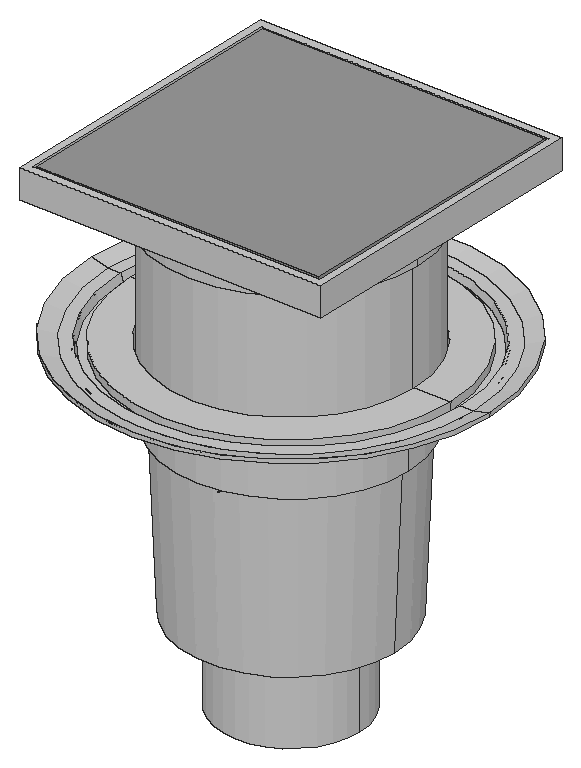
Revit family "HL_Дворовый трап серии Perfekt_HL616SW", category Instalační zařizovací předměty, Revit 2016
Family settings
  Typ součásti = Normální
  Kóta kulaté spojky = Použít průměr
  Číslo OmniClass = 23.70.50.21.24.14
  Nadpis OmniClass = Deck Waste Water Drains
  Založené na pracovní rovině = Ne
  Vždy vertikální = Ano
  Ořezat dutým tvarem při načtení = Ne
  Sdílené = Ne
  Bod výpočtu místnosti = Ano
Parameters (values of type "HL_Дворовый трап серии Perfekt_HL616SW_1")
  РЕШЁТКА = "Edelstahl 226 x 226 mm"
  РАЗМЕР = "DN110"
  ПРОПУСКНАЯ СПОСОБНОСТЬ [instance] = 0.0 L/s
  ПРОИЗВОДИТЕЛЬНОСТЬ = "2,1 l/s"
  ПРАВОВАЯ ИНФОРМАЦИЯ = "\"Авторские права(©), права на дизайн или какие либо другие права интелектуальной собственности являются исключительной собственностью компании HL Hutterer & Lechner. Изменению не подлежит. Файл семейства с данными о прозводителе изделия защищен паролем с водяным знаком.\""
  НОМИНАЛЬНЫЙ ДИАМЕТР = 110 mm
  НАСАДКА = "42-130 mm/240 x 240 mm"
  МАТЕРИАЛ = "PP"
  МАКСИМАЛЬНАЯ НАГРУЗКА КЛАССА = "L - 1,5 t"
  ВЫСОТА МОНТАЖА = "239 mm"
  ВЕС = "3,154 kg"
  Výrobce = "HL Hutterer & Lechner GmbH"
  URL = "http://www.hutterer-lechner.com/ru/products/catalog/roof-drains/HL616SW/1.aspx"
  Материал плитка [instance] = none
  Připojení ventilace = no
  Připojení odpadu = yes
  Připojení HW = no
  Připojení CW = no
  Popis = "Дворовый трап серии Perfekt DN110 вертикальный"
  Model = "HL616SW/1"
  Assembly Code = " "
  Komentáře k typům = "Дворовый трап серии Perfekt DN110 вертикальный с обжимным фланцем, 240х240мм ПП/226х226мм нержавеющая сталь с водяным затвором."
  Keynote = "HL616SW/1"
  IH [instance] = Высота монтажа 1 + Высота монтажа 2  # 130 mm
  Высота монтажа 2 [instance] = 0 mm
  Высота монтажа 1 [instance] = 130 mm
  G [instance] = 180.00°  # constant formula
  EAN = "9003076011407"
  D [instance] = IH + 165 mm  # 295 mm
  C [instance] = if(IH - 68 mm < 0 mm, 0 mm, IH - 68 mm)  # 62 mm
  B [instance] = 100 mm
  A [instance] = if(B - 100 mm > 15 mm, B - 100 mm, 15 mm)  # 15 mm
Types (3, lengths in mm): name | РАЗМЕР | НОМИНАЛЬНЫЙ ДИАМЕТР | ВЕС | URL | Popis | Model | Komentáře k typům | Keynote | EAN
  (no name) | "DN110" | 110 | "3,154 kg" | "http://www.hutterer-lechner.com/en/products/catalog/roof-drains/HL616SW/1.aspx" | 0 | "HL616SW/1" | "perfect-drain DN110 vertical with flange, 240x240mm plastic/226x226mm stainless steel with trap seal" | "HL616SW/1" | "9003076011407"
  HL_Дворовый трап серии Perfekt_HL616SW_1 | "DN110" | 110 | "3,154 kg" | "http://www.hutterer-lechner.com/ru/products/catalog/roof-drains/HL616SW/1.aspx" | "Дворовый трап серии Perfekt DN110 вертикальный" | "HL616SW/1" | "Дворовый трап серии Perfekt DN110 вертикальный с обжимным фланцем, 240х240мм ПП/226х226мм нержавеющая сталь с водяным затвором." | "HL616SW/1" | "9003076011407"
  HL_Дворовый трап серии Perfekt_HL616SW_5 | "DN160" | 160 | "3,16 kg" | "http://www.hutterer-lechner.com/ru/products/catalog/roof-drains/HL616SW/5.aspx" | "Дворовый трап серии Perfekt DN160 вертикальный" | "HL616SW/5" | "Дворовый трап серии Perfekt DN160 вертикальный с обжимным фланцем, 240х240мм ПП/226х226мм нержавеющая сталь с водяным затвором." | "HL616SW/5" | "9003076011421"
Values of the unnamed type that differ from the named types
  ПРАВОВАЯ ИНФОРМАЦИЯ = "\"Copyright (©), design rights or any other intellectual property rights, shall be the exclusive property of HL Hutterer & Lechner GmbH. Modification is not allowed. Family has been watermarked.\""
Reference planes
  plane 1 "Center (Front/Back)": y = 0
  plane 2: z = 0
  plane 3 "Center (Left/Right)": x = 0
  plane 4: z = -100
  plane 5: z = -130
  plane 6: z = -130
Lines and regions (mm)
  model lines, style "InvisibleLines"
    curve 1: line (0, 0, 0) -> (0, 0, 20)
  model lines, style "PlumbingFixtures", detail levels coarse+medium
    curve 2: line (0, 0, -100) -> (0, 0, -85)
    curve 3: line (0, 0, -85) -> (-85, 0, 0)
    curve 4: line (0, 0, -85) -> (85, 0, 0)
    curve 6: line (0, 0, -100) -> (0, 0, -395)
  reference lines, not visible
    curve 5: line (0, 0, -100) -> (0, 0, -395)
  symbolic lines, style "PlumbingFixtures", detail levels coarse+medium
    curve 7: line (-75, 75, 0) -> (75, 75, 0)
    curve 8: line (-75, -75, 0) -> (-75, 75, 0)
    curve 9: line (75, -75, 0) -> (-75, -75, 0)
    curve 10: line (75, 75, 0) -> (75, -75, 0)
    curve 11: line (-75, 75, 0) -> (-145.711, 145.711, 0)
    curve 12: line (75, 75, 0) -> (145.711, 145.711, 0)
    curve 13: line (-75, -75, 0) -> (-145.711, -145.711, 0)
    curve 14: line (75, -75, 0) -> (145.711, -145.711, 0)
  symbolic lines, style "PlumbingFixtures", not visible, detail levels coarse+medium
    curve 15: line (-75, 75, 0) -> (75, 75, 0)
    curve 16: line (-75, -75, 0) -> (-75, 75, 0)
    curve 17: line (75, -75, 0) -> (-75, -75, 0)
    curve 18: line (75, 75, 0) -> (75, -75, 0)
    curve 19: line (-75, 75, 0) -> (-145.711, 145.711, 0)
    curve 20: line (75, 75, 0) -> (145.711, 145.711, 0)
    curve 21: line (-75, -75, 0) -> (-145.711, -145.711, 0)
    curve 22: line (75, -75, 0) -> (145.711, -145.711, 0)
Text (mm)
  text "FLOOR" at (-162.344, 0, -10.979), in view "Слева"
Dimensions and locks
  "B": plane 2 to plane 4
  "IH": plane 2 to plane 5
  "A": curve 4 to plane 4
  "D": curve 5 to curve 5
  "D": curve 6 to curve 6
  "Высота монтажа 1": plane 2 to plane 6
  locked: curve 4 to plane 3 "Center (Left/Right)" (angle 45.00°)
  locked: plane 3 "Center (Left/Right)" to curve 3 (angle 45.00°)
  "G": angle curve 5 to plane 3 "Center (Left/Right)"
  aligned and locked: level to plane 2
  aligned and locked: plane 2 to curve 4
  aligned and locked: plane 2 to curve 3
  aligned and locked: plane 4 to curve 5
  aligned and locked: plane 3 "Center (Left/Right)" to curve 5
  aligned and locked: plane 4 to curve 2
  aligned and locked: plane 3 "Center (Left/Right)" to curve 6
  aligned and locked: plane 4 to curve 6
  aligned and locked: plane 3 "Center (Left/Right)" to nested 2
  aligned and locked: plane 2 to nested 2
  aligned and locked: nested 1 to plane 3 "Center (Left/Right)"
  aligned and locked: nested 1 to plane 5
  aligned and locked: plane 3 "Center (Left/Right)" to nested 3
  aligned and locked: nested 3 to nested 2
  aligned and locked: nested 4 to plane 3 "Center (Left/Right)"
  aligned and locked: nested 1 to nested 4
Automatic sketch dimensions
  curve 2 to plane 3 "Center (Left/Right)" = 0 mm
  curve 1 to plane 3 "Center (Left/Right)" = 0 mm
  curve 1 to level = 0 mm
  curve 1 to curve 1 = 20 mm
Nested families
  nested 1: "HL-кровельные воронки - корпус-HL616K" at (0, 0, -129.974), type "HL-кровельные воронки - корпус-HL616K_1"
  nested 2: "HL-Надставные элементы-HL622" at (0, 0, 0), Высота монтажа <- "Высота монтажа 1", type "HL-Надставные элементы-HL622"
    with Высота монтажа 130 mm, a 100 mm, Ihmin 42 mm, Ihmax 130 mm
  nested 3: "HL-Песколовка-HL0606.2E" at (0, 0, -22.999), type "HL-Песколовка-HL0606.2E"
  nested 4: "HL-Вкладыш запахозапирающий-HL0605.2E" at (0, 0, -190.474), type "HL-Вкладыш запахозапирающий-HL0605.2E"
Connectors
  piping at (0, 0, -395), diameter 110, driven by "ПРОПУСКНАЯ СПОСОБНОСТЬ", driven by "НОМИНАЛЬНЫЙ ДИАМЕТР"
    settings: on curve 5, index 1, connector inside diameter 609.6 mm, connector length 0 mm, flow factor 0, pipe flow 0.0 L/s, pressure drop 0.0 Pa, fitting loss kfactor 0, connector angle 0.00°, fixture units 0, engagement length 0 mm, angle of deflection 0.00°, flow configuration 1, flow direction 2, fitting loss method 0, system type 16, joint type 0, gender type 0, connector reference index -1, connector utility 0, adjustable connector yes, is connector primary yes, connector description ""
Definition of nested family "HL-кровельные воронки - корпус-HL616K"
  Parameters
    РАЗМЕР = ""
    ПРАВОВАЯ ИНФОРМАЦИЯ = ""
    НОМИНАЛЬНЫЙ ДИАМЕТР = 110 mm
    МАТЕРИАЛ = ""
    ВЫСОТА МОНТАЖА = ""
    ВЕС = ""
    a = if(НОМИНАЛЬНЫЙ ДИАМЕТР = 11 mm, 62 mm, 67 mm)  # 67 mm
    Height = 0 mm
    Manufacturer = ""
    URL = ""
    Description = ""
    ND = НОМИНАЛЬНЫЙ ДИАМЕТР / 2  # 55 mm
    Model = ""
    материал = none
    Type Comments = ""
    Keynote = ""
    EAN = ""
    Cost = 0
  Types (3, lengths in mm): name | РАЗМЕР | ПРАВОВАЯ ИНФОРМАЦИЯ | МАТЕРИАЛ | ВЫСОТА МОНТАЖА | ВЕС | Manufacturer | URL | Description | Model | Type Comments | Keynote | EAN
    (no name) | "" | "" | "" | "" | "" | "" | "" | "" | "" | "" | "" | ""
    HL-кровельные воронки - корпус-HL616K_1 | "DN110" | "\"Авторские права(©), права на дизайн или какие либо другие права интелектуальной собственности являются исключительной собственностью компании HL Hutterer & Lechner. Изменению не подлежит. Файл семейства с данными о прозводителе изделия защищен паролем с водяным знаком.\"" | "PP" | "197 mm" | "0,652 kg" | "HL Hutterer & Lechner GmbH" | "http://www.hutterer-lechner.com/ru/products/catalog/roof-drains/HL616K/1.aspx" | "Дворовый трап серии Perfekt DN110 вертикальный" | "HL616K/1" | "Корпус дворового трапа серии Perfekt DN110 вертикальный с обжимным фланцем." | "HL616K/1" | "9003076010639"
    HL-кровельные воронки - корпус-HL616K_5 | "DN160" | "\"Авторские права(©), права на дизайн или какие либо другие права интелектуальной собственности являются исключительной собственностью компании HL Hutterer & Lechner. Изменению не подлежит. Файл семейства с данными о прозводителе изделия защищен паролем с водяным знаком.\"" | "PP" | "197 mm" | "0,658 kg" | "HL Hutterer & Lechner GmbH" | "http://www.hutterer-lechner.com/ru/products/catalog/roof-drains/HL616K/5.aspx" | "Дворовый трап серии Perfekt DN160 вертикальный" | "HL616K/5" | "Корпус дворового трапа серии Perfekt DN160 вертикальный с обжимным фланцем." | "HL616K/5" | "9003076010677"
  Reference planes
    plane 1 "Střed (vpředu/vzadu)": y = 0
    plane 2: z = 0
    plane 3 "Střed (vlevo/vpravo)": x = 0
    plane 4: z = -198
  Forms (mm)
    Revolve 1, solid, material <- "материал", detail levels fine
      sketch origin (0, 0, 0) x (1, 0, 0) y (0, 0, 1)
        loop
          line (158.746, -0.026) -> (145.781, -3.5) -> (135.781, -3.5) -> (134.096, -9.367) -> (127.541, -9.367) -> (127.541, -3.5) -> (99.151, -3.5) -> (99.151, -25.5) -> (90, -25.5) -> (90, -60.5) -> (85.551, -60.5) -> (79.463, -194) -> (51.105, -194) -> (51.105, -198) -> (83.393, -198) -> (89.481, -64.5) -> (94.013, -64.5) -> (94.013, -34.2) -> (103.091, -34.2) -> (103.091, -12.303) -> (134.671, -12.303)
          arc (134.671, -12.303) -> (136.701, -11.463) -> (137.542, -9.433) r 2.871
          line (137.542, -9.433) -> (137.542, -6.409) -> (146.262, -6.409) -> (158.746, -3.064) -> (158.746, -0.026)
        axis (0, -198) -> (0, -0.026)
      angle from 0 to 360
    Revolve 2, solid, material <- "материал", detail levels fine
      sketch origin (0, 0, 0) x (1, 0, 0) y (0, 0, 1)
        loop
          line (0, -198) -> (0, -265) -> (55, -265) -> (55, -198) -> (0, -198)
        axis (0, -198) -> (0, -265)
      angle from 0 to 360
  Dimensions and locks
    locked: plane 2 to plane 4 at 198
    "ND": Revolve 2 sketch curve to plane 3 "Střed (vlevo/vpravo)"
    "a": plane 4 to Revolve 2 sketch curve
    aligned and locked: level to plane 2
  Automatic sketch dimensions
    Revolve 1 sketch curve to plane 3 "Střed (vlevo/vpravo)" = 0 mm
    Revolve 1 sketch curve to plane 4 = 0 mm
    plane 4 to Revolve 1 sketch curve = 4 mm
    plane 3 "Střed (vlevo/vpravo)" to Revolve 1 sketch curve = 51.105 mm
    Revolve 1 sketch curve to Revolve 1 sketch curve = 28.358 mm
    Revolve 1 sketch curve to Revolve 1 sketch curve = 3.93 mm  (x2)
    plane 3 "Střed (vlevo/vpravo)" to Revolve 1 sketch curve = 85.551 mm
    Revolve 1 sketch curve to Revolve 1 sketch curve = 0.519 mm
    Revolve 1 sketch curve to Revolve 1 sketch curve = 4.013 mm
    Revolve 1 sketch curve to level = 3.5 mm  (x2)
    Revolve 1 sketch curve to Revolve 1 sketch curve = 9.151 mm
    Revolve 1 sketch curve to Revolve 1 sketch curve = 3.941 mm
    Revolve 1 sketch curve to Revolve 1 sketch curve = 24.449 mm
    Revolve 1 sketch curve to Revolve 1 sketch curve = 6.555 mm
    Revolve 1 sketch curve to Revolve 1 sketch curve = 0.575 mm
    Revolve 1 sketch curve to Revolve 1 sketch curve = 1.11 mm
    Revolve 1 sketch curve to Revolve 1 sketch curve = 1.761 mm
    Revolve 1 sketch curve to Revolve 1 sketch curve = 8.239 mm
    Revolve 1 sketch curve to Revolve 1 sketch curve = 0.481 mm
    Revolve 1 sketch curve to level = 0.026 mm
    Revolve 1 sketch curve to Revolve 1 sketch curve = 12.965 mm
    Revolve 1 sketch curve to Revolve 1 sketch curve = 61 mm
    Revolve 1 sketch curve to Revolve 1 sketch curve = 4 mm
    Revolve 1 sketch curve to Revolve 1 sketch curve = 26.3 mm
    Revolve 1 sketch curve to Revolve 1 sketch curve = 8.7 mm
    Revolve 1 sketch curve to Revolve 1 sketch curve = 8.804 mm
    Revolve 1 sketch curve to Revolve 1 sketch curve = 0.066 mm
    Revolve 1 sketch curve to Revolve 1 sketch curve = 3.024 mm
    Revolve 1 sketch curve to Revolve 1 sketch curve = 3.038 mm
    level to Revolve 1 sketch curve = 9.5 mm
    Revolve 1 sketch curve to Revolve 1 sketch curve = 50 mm
    Revolve 2 sketch curve to plane 3 "Střed (vlevo/vpravo)" = 0 mm  (x2)
    Revolve 2 sketch curve to plane 4 = 0 mm
    Revolve 2 sketch curve to Revolve 2 sketch curve = 15 mm
    Revolve 2 sketch curve to Revolve 2 sketch curve = 25 mm
Definition of nested family "HL-Надставные элементы-HL622"
  Parameters
    РЕШЁТКА = ""
    РАЗМЕР = ""
    ПРАВОВАЯ ИНФОРМАЦИЯ = ""
    НАСАДКА = ""
    МАТЕРИАЛ = ""
    МАКСИМАЛЬНАЯ НАГРУЗКА КЛАССА = ""
    ВЫСОТА МОНТАЖА = ""
    ВЕС = ""
    a [instance] = if(Высота монтажа < Ihmin, -10 mm, if(Высота монтажа > Ihmax, -10 mm, Высота монтажа - 30 mm))  # 100 mm
    Manufacturer = ""
    URL = ""
    Description = ""
    Model = ""
    материал 2 = none
    материал = none
    Type Comments = ""
    Keynote = ""
    Высота монтажа [instance] = 130 mm
    Ihmin [instance] = 42 mm
    Ihmax [instance] = 130 mm
    EAN = ""
    Cost = 0
  Types (2, lengths in mm): name | РЕШЁТКА | РАЗМЕР | ПРАВОВАЯ ИНФОРМАЦИЯ | НАСАДКА | МАТЕРИАЛ | МАКСИМАЛЬНАЯ НАГРУЗКА КЛАССА | ВЫСОТА МОНТАЖА | ВЕС | Manufacturer | URL | Description | Model | Type Comments | Keynote | EAN
    (no name) | "" | "" | "" | "" | "" | "" | "" | "" | "" | "" | "" | "" | "" | "" | ""
    HL-Надставные элементы-HL622 | "Edelstahl 226x226mm" | "d 195mm" | "\"Авторские права(©), права на дизайн или какие либо другие права интелектуальной собственности являются исключительной собственностью компании HL Hutterer & Lechner. Изменению не подлежит. Файл семейства с данными о прозводителе изделия защищен паролем с водяным знаком.\"" | "240x240mm" | "PP, Edelstahl (V2A)" | "L - 1,5 t" | "144 mm" | "2,22 [kg]" | "HL Hutterer & Lechner GmbH" | "http://www.hutterer-lechner.com/ru/products/catalog/roof-drains/HL622.aspx" | "Надставные элементы" | "HL622" | "Насадка d 195мм/240х240мм/226х226мм высококачественная сталь" | "HL622" | "9003076014705"
  Reference planes
    plane 1 "Střed (vpředu/vzadu)": y = 0
    plane 2: z = 0
    plane 3 "Střed (vlevo/vpravo)": x = 0
    plane 4: z = -45
    plane 5: z = -145
  Forms (mm)
    Extrusion 1, solid, material <- "материал", detail levels fine
      sketch origin (0, 0, 0) x (1, 0, 0) y (0, 1, 0)
        loop
          line (-112.5, 112.5) -> (-112.5, -112.5) -> (112.5, -112.5) -> (112.5, 112.5) -> (-112.5, 112.5)
      from 0 to -20
    Extrusion 2, solid, material <- "материал 2", detail levels fine
      sketch origin (0, 0, 0) x (1, 0, 0) y (0, 1, 0)
        loop
          line (114.5, -114.5) -> (114.5, 114.5) -> (-114.5, 114.5) -> (-114.5, -114.5) -> (114.5, -114.5)
        loop
          line (-120, 120) -> (-120, -120) -> (120, -120) -> (120, 120) -> (-120, 120)
      from 0 to -20
    Extrusion 3, solid, material <- "материал 2", detail levels fine
      sketch origin (0, 0, 0) x (1, 0, 0) y (0, 1, 0)
        loop
          line (120, -120) -> (120, 120) -> (-120, 120) -> (-120, -120) -> (120, -120)
      from -20 to -23
    Revolve 4, solid, material <- "материал 2", detail levels fine
      sketch origin (0, 0, 0) x (1, 0, 0) y (0, 0, 1)
        loop
          line (0, -23) -> (-101.5, -23) -> (-101.5, -45) -> (0, -45) -> (0, -23)
        axis (0, -45) -> (0, -23)
      angle from 0 to 360
    Revolve 5, solid, material <- "материал 2", detail levels fine
      sketch origin (0, 0, 0) x (1, 0, 0) y (0, 0, 1)
        loop
          line (0, -45) -> (0, -145) -> (97.213, -145) -> (97.213, -45) -> (0, -45)
        axis (0, -45) -> (0, -145)
      angle from 0 to 360
  Cuts and joins
    joined: Extrusion 2, Extrusion 3
  Lines and regions (mm)
    model lines, detail levels fine
      curve 1: line (10.96, 46.315, 0) -> (45.608, 80.964, 0)
      curve 2: line (56.215, 70.357, 0) -> (21.567, 35.709, 0)
      curve 3: line (35.709, 21.567, 0) -> (70.357, 56.215, 0)
      curve 4: line (80.964, 45.608, 0) -> (46.315, 10.96, 0)
      curve 5: line (92, 7.5, 0) -> (72.5, 7.5, 0)
      curve 6: line (92, -7.5, 0) -> (72.5, -7.5, 0)
      curve 7: arc (92, -7.5, 0) -> (99.5, 0, 0) -> (92, 7.5, 0) r 7.5
      curve 8: arc (72.5, -7.5, 0) -> (65, 0, 0) -> (72.5, 7.5, 0) r 7.5
      curve 9: arc (80.964, 45.608, 0) -> (80.964, 56.215, 0) -> (70.357, 56.215, 0) r 7.5
      curve 10: arc (56.215, 70.357, 0) -> (56.215, 80.964, 0) -> (45.608, 80.964, 0) r 7.5
      curve 11: arc (21.567, 35.709, 0) -> (10.96, 35.709, 0) -> (10.96, 46.315, 0) r 7.5
      curve 12: arc (46.315, 10.96, 0) -> (35.709, 10.96, 0) -> (35.709, 21.567, 0) r 7.5
      curve 13: line (7.5, 92, 0) -> (7.5, 72.5, 0)
      curve 14: line (-7.5, 92, 0) -> (-7.5, 72.5, 0)
      curve 15: arc (-7.5, 92, 0) -> (0, 99.5, 0) -> (7.5, 92, 0) r 7.5
      curve 16: arc (-7.5, 72.5, 0) -> (0, 65, 0) -> (7.5, 72.5, 0) r 7.5
      curve 17: line (7.5, -92, 0) -> (7.5, -72.5, 0)
      curve 18: line (-7.5, -92, 0) -> (-7.5, -72.5, 0)
      curve 19: arc (-7.5, -92, 0) -> (0, -99.5, 0) -> (7.5, -92, 0) r 7.5
      curve 20: arc (-7.5, -72.5, 0) -> (0, -65, 0) -> (7.5, -72.5, 0) r 7.5
      curve 21: line (92, -7.5, 0) -> (72.5, -7.5, 0)
      curve 22: line (92, 7.5, 0) -> (72.5, 7.5, 0)
      curve 23: arc (92, 7.5, 0) -> (99.5, 0, 0) -> (92, -7.5, 0) r 7.5
      curve 24: arc (72.5, 7.5, 0) -> (65, 0, 0) -> (72.5, -7.5, 0) r 7.5
      curve 25: line (-92, -7.5, 0) -> (-72.5, -7.5, 0)
      curve 26: arc (-92, -7.5, 0) -> (-99.5, 0, 0) -> (-92, 7.5, 0) r 7.5
      curve 27: arc (-72.5, -7.5, 0) -> (-65, 0, 0) -> (-72.5, 7.5, 0) r 7.5
      curve 28: line (-92, -7.5, 0) -> (-72.5, -7.5, 0)
      curve 29: line (-92, 7.5, 0) -> (-72.5, 7.5, 0)
      curve 30: arc (-92, 7.5, 0) -> (-99.5, 0, 0) -> (-92, -7.5, 0) r 7.5
      curve 31: arc (-72.5, 7.5, 0) -> (-65, 0, 0) -> (-72.5, -7.5, 0) r 7.5
      curve 32: line (-10.96, 46.315, 0) -> (-45.608, 80.964, 0)
      curve 33: line (-56.215, 70.357, 0) -> (-21.567, 35.709, 0)
      curve 34: line (-35.709, 21.567, 0) -> (-70.357, 56.215, 0)
      curve 35: line (-80.964, 45.608, 0) -> (-46.315, 10.96, 0)
      curve 36: arc (-80.964, 45.608, 0) -> (-80.964, 56.215, 0) -> (-70.357, 56.215, 0) r 7.5
      curve 37: arc (-56.215, 70.357, 0) -> (-56.215, 80.964, 0) -> (-45.608, 80.964, 0) r 7.5
      curve 38: arc (-21.567, 35.709, 0) -> (-10.96, 35.709, 0) -> (-10.96, 46.315, 0) r 7.5
      curve 39: arc (-46.315, 10.96, 0) -> (-35.709, 10.96, 0) -> (-35.709, 21.567, 0) r 7.5
      curve 40: line (10.96, -46.315, 0) -> (45.608, -80.964, 0)
      curve 41: line (56.215, -70.357, 0) -> (21.567, -35.709, 0)
      curve 42: line (35.709, -21.567, 0) -> (70.357, -56.215, 0)
      curve 43: line (80.964, -45.608, 0) -> (46.315, -10.96, 0)
      curve 44: arc (80.964, -45.608, 0) -> (80.964, -56.215, 0) -> (70.357, -56.215, 0) r 7.5
      curve 45: arc (56.215, -70.357, 0) -> (56.215, -80.964, 0) -> (45.608, -80.964, 0) r 7.5
      curve 46: arc (21.567, -35.709, 0) -> (10.96, -35.709, 0) -> (10.96, -46.315, 0) r 7.5
      curve 47: arc (46.315, -10.96, 0) -> (35.709, -10.96, 0) -> (35.709, -21.567, 0) r 7.5
      curve 48: line (-10.96, -46.315, 0) -> (-45.608, -80.964, 0)
      curve 49: line (-56.215, -70.357, 0) -> (-21.567, -35.709, 0)
      curve 50: line (-35.709, -21.567, 0) -> (-70.357, -56.215, 0)
      curve 51: line (-80.964, -45.608, 0) -> (-46.315, -10.96, 0)
      curve 52: arc (-80.964, -45.608, 0) -> (-80.964, -56.215, 0) -> (-70.357, -56.215, 0) r 7.5
      curve 53: arc (-56.215, -70.357, 0) -> (-56.215, -80.964, 0) -> (-45.608, -80.964, 0) r 7.5
      curve 54: arc (-21.567, -35.709, 0) -> (-10.96, -35.709, 0) -> (-10.96, -46.315, 0) r 7.5
      curve 55: arc (-46.315, -10.96, 0) -> (-35.709, -10.96, 0) -> (-35.709, -21.567, 0) r 7.5
  Dimensions and locks
    plane 2 to plane 4 = 45 mm
    "a": plane 4 to Revolve 5 sketch curve
    plane 2 to plane 5 = 145 mm
    aligned and locked: level to plane 2
    aligned and locked: plane 4 to Revolve 5 sketch curve
  Automatic sketch dimensions
    curve 7 to curve 23 = 0 mm  (x2)
    curve 8 to curve 24 = 0 mm  (x2)
    curve 26 to curve 30 = 0 mm  (x2)
    curve 27 to curve 31 = 0 mm  (x2)
    plane 1 "Střed (vpředu/vzadu)" to curve 26 = 0 mm
    curve 16 to plane 3 "Střed (vlevo/vpravo)" = 0 mm
    curve 20 to plane 3 "Střed (vlevo/vpravo)" = 0 mm
    plane 1 "Střed (vpředu/vzadu)" to curve 24 = 0 mm
    curve 18 to plane 3 "Střed (vlevo/vpravo)" = 7.5 mm
    curve 14 to plane 3 "Střed (vlevo/vpravo)" = 7.5 mm
    curve 32 to plane 3 "Střed (vlevo/vpravo)" = 10.96 mm
    curve 48 to plane 3 "Střed (vlevo/vpravo)" = 10.96 mm
    curve 54 to curve 54 = 5.303 mm  (x2)
    curve 38 to curve 38 = 5.303 mm  (x2)
    curve 49 to curve 54 = 5.303 mm
    curve 33 to curve 38 = 5.303 mm
    curve 34 to curve 33 = 14.142 mm
    curve 50 to curve 49 = 14.142 mm
    curve 39 to curve 34 = 5.303 mm
    curve 55 to curve 50 = 5.303 mm
    curve 48 to curve 20 = 38.108 mm
    curve 32 to curve 14 = 38.108 mm
    curve 35 to plane 1 "Střed (vpředu/vzadu)" = 10.96 mm
    curve 35 to curve 39 = 5.303 mm
    plane 1 "Střed (vpředu/vzadu)" to curve 51 = 10.96 mm
    curve 51 to curve 55 = 5.303 mm
    curve 53 to curve 48 = 5.303 mm
    curve 37 to curve 32 = 5.303 mm
    curve 49 to curve 53 = 5.303 mm
    curve 33 to curve 37 = 5.303 mm  (x2)
    curve 34 to curve 37 = 14.142 mm
    curve 50 to curve 53 = 14.142 mm
    curve 27 to curve 39 = 26.185 mm
    curve 36 to curve 34 = 5.303 mm
    curve 52 to curve 50 = 5.303 mm
    curve 35 to plane 1 "Střed (vpředu/vzadu)" = 45.608 mm
    curve 35 to curve 36 = 5.303 mm  (x2)
    plane 1 "Střed (vpředu/vzadu)" to curve 51 = 45.608 mm
    curve 51 to curve 52 = 5.303 mm
    plane 1 "Střed (vpředu/vzadu)" to curve 28 = 7.5 mm
    curve 28 to curve 25 = 19.5 mm
    plane 3 "Střed (vlevo/vpravo)" to curve 1 = 10.96 mm
    plane 3 "Střed (vlevo/vpravo)" to curve 40 = 10.96 mm
    curve 11 to curve 11 = 5.303 mm
    curve 46 to curve 46 = 5.303 mm  (x2)
    curve 11 to curve 2 = 5.303 mm
    curve 46 to curve 41 = 5.303 mm
    curve 2 to curve 3 = 14.142 mm
    curve 41 to curve 42 = 14.142 mm  (x3)
    curve 42 to curve 47 = 5.303 mm
    curve 3 to curve 12 = 5.303 mm
    curve 13 to curve 1 = 38.108 mm
    curve 17 to curve 40 = 38.108 mm
    plane 1 "Střed (vpředu/vzadu)" to curve 43 = 10.96 mm
    curve 47 to curve 43 = 5.303 mm
    curve 4 to plane 1 "Střed (vpředu/vzadu)" = 10.96 mm
    curve 12 to curve 4 = 5.303 mm
    curve 1 to curve 10 = 5.303 mm
    curve 40 to curve 45 = 5.303 mm
    curve 45 to curve 41 = 5.303 mm  (x2)
    curve 10 to curve 2 = 5.303 mm
    curve 10 to curve 3 = 14.142 mm
    curve 43 to curve 24 = 26.185 mm
    curve 42 to curve 44 = 5.303 mm
    curve 3 to curve 9 = 5.303 mm
    plane 1 "Střed (vpředu/vzadu)" to curve 43 = 45.608 mm
    curve 44 to curve 43 = 5.303 mm
    curve 4 to plane 1 "Střed (vpředu/vzadu)" = 45.608 mm
    curve 9 to curve 4 = 5.303 mm
    curve 5 to plane 1 "Střed (vpředu/vzadu)" = 7.5 mm
    curve 22 to curve 5 = 19.5 mm
    plane 1 "Střed (vpředu/vzadu)" to curve 48 = 46.315 mm
    curve 48 to curve 40 = 0 mm
    curve 52 to curve 52 = 5.303 mm
    curve 44 to curve 44 = 5.303 mm
    curve 49 to curve 50 = 14.142 mm
    curve 17 to curve 40 = 26.185 mm
    curve 53 to curve 49 = 5.303 mm
    curve 17 to curve 20 = 19.5 mm
    curve 42 to curve 47 = 10.607 mm
    curve 50 to curve 51 = 10.607 mm
    curve 4 to curve 12 = 5.303 mm
    curve 39 to curve 39 = 5.303 mm
    curve 39 to curve 33 = 14.142 mm
    curve 12 to curve 2 = 14.142 mm
    curve 2 to curve 11 = 5.303 mm
    curve 9 to curve 9 = 5.303 mm
    curve 3 to curve 2 = 14.142 mm
    curve 36 to curve 33 = 14.142 mm
    curve 11 to curve 13 = 26.185 mm
    curve 2 to curve 10 = 5.303 mm
    curve 14 to curve 14 = 19.5 mm
    Extrusion 1 sketch curve to plane 3 "Střed (vlevo/vpravo)" = 112.5 mm
    plane 3 "Střed (vlevo/vpravo)" to Extrusion 1 sketch curve = 112.5 mm
    plane 1 "Střed (vpředu/vzadu)" to Extrusion 1 sketch curve = 112.5 mm
    Extrusion 1 sketch curve to plane 1 "Střed (vpředu/vzadu)" = 112.5 mm
    Extrusion 2 sketch curve to plane 3 "Střed (vlevo/vpravo)" = 120 mm
    Extrusion 2 sketch curve to Extrusion 2 sketch curve = 5.5 mm  (x4)
    plane 3 "Střed (vlevo/vpravo)" to Extrusion 2 sketch curve = 114.5 mm
    plane 1 "Střed (vpředu/vzadu)" to Extrusion 2 sketch curve = 120 mm
    Extrusion 2 sketch curve to plane 1 "Střed (vpředu/vzadu)" = 114.5 mm
    Extrusion 3 sketch curve to plane 3 "Střed (vlevo/vpravo)" = 120 mm
    plane 3 "Střed (vlevo/vpravo)" to Extrusion 3 sketch curve = 120 mm
    plane 1 "Střed (vpředu/vzadu)" to Extrusion 3 sketch curve = 120 mm
    Extrusion 3 sketch curve to plane 1 "Střed (vpředu/vzadu)" = 120 mm
    Revolve 4 sketch curve to plane 4 = 0 mm
    Revolve 4 sketch curve to plane 3 "Střed (vlevo/vpravo)" = 0 mm  (x2)
    plane 4 to Revolve 4 sketch curve = 22 mm
    Revolve 4 sketch curve to plane 3 "Střed (vlevo/vpravo)" = 101.5 mm
    level to Revolve 4 sketch curve = 32 mm
    Revolve 4 sketch curve to Revolve 4 sketch curve = 90 mm
    Revolve 5 sketch curve to plane 3 "Střed (vlevo/vpravo)" = 0 mm  (x2)
    plane 3 "Střed (vlevo/vpravo)" to Revolve 5 sketch curve = 97.213 mm
    Revolve 5 sketch curve to plane 5 = 38.999 mm
    Revolve 5 sketch curve to Revolve 5 sketch curve = 52 mm
Definition of nested family "HL-Песколовка-HL0606.2E"
  Parameters (values of type "HL-Песколовка-HL0606.2E")
    ПРАВОВАЯ ИНФОРМАЦИЯ = "\"Авторские права(©), права на дизайн или какие либо другие права интелектуальной собственности являются исключительной собственностью компании HL Hutterer & Lechner. Изменению не подлежит. Файл семейства с данными о прозводителе изделия защищен паролем с водяным знаком.\""
    МАТЕРИАЛ = "PP"
    ВЕС = "0,09 kg"
    Manufacturer = "HL Hutterer & Lechner GmbH"
    URL = "http://www.hutterer-lechner.com/ru/products/catalog/roof-drains/HL0606.2E.aspx"
    Description = "Песколовка"
    Model = "HL0606.2E"
    материал = none
    Type Comments = "Песколовка"
    Keynote = "HL0606.2E"
    EAN = "9003076060627"
    Cost = 0
  Values of the unnamed type that differ from the named types
    ПРАВОВАЯ ИНФОРМАЦИЯ = ""
    МАТЕРИАЛ = ""
    ВЕС = ""
    Manufacturer = ""
    URL = ""
    Description = ""
    Model = ""
    Type Comments = ""
    Keynote = ""
    EAN = ""
  Reference planes
    plane 1 "Střed (vpředu/vzadu)": y = 0
    plane 2: z = 0
    plane 3 "Střed (vlevo/vpravo)": x = 0
  Forms (mm)
    Revolve 1, solid, material <- "материал", detail levels fine
      sketch origin (0, 0, 0) x (1, 0, 0) y (0, 0, 1)
        loop
          line (0, -55.952) -> (0, -58.018) -> (57.601, -56.006)
          arc (57.601, -56.006) -> (65.932, -53.053) -> (69.532, -44.98) r 11.208
          line (69.532, -44.98) -> (72.482, -41.586) -> (75.031, -12.448) -> (75.865, -6.515)
          arc (75.865, -6.515) -> (76.428, -5.156) -> (77.786, -4.594) r 1.921
          line (77.786, -4.594) -> (95.979, -3.002) -> (95.979, -0.001) -> (73.246, -1.99) -> (69.436, -41.391) -> (67.501, -43.326)
          arc (67.501, -43.326) -> (65.111, -51.02) -> (57.603, -53.94) r 9.273
          line (57.603, -53.94) -> (0, -55.952)
        axis (0, -58.018) -> (0, -0.001)
      angle from 0 to 360
  Dimensions and locks
    aligned and locked: level to plane 2
Definition of nested family "HL-Вкладыш запахозапирающий-HL0605.2E"
  Parameters
    ПРАВОВАЯ ИНФОРМАЦИЯ = ""
    МАТЕРИАЛ = ""
    ВЕС = ""
    Manufacturer = ""
    URL = ""
    Description = ""
    Model = ""
    материал 2 = none
    материал = none
    Type Comments = ""
    Keynote = ""
    EAN = ""
    Cost = 0
  Types (2, lengths in mm): name | ПРАВОВАЯ ИНФОРМАЦИЯ | МАТЕРИАЛ | ВЕС | Manufacturer | URL | Description | Model | Type Comments | Keynote | EAN
    (no name) | "" | "" | "" | "" | "" | "" | "" | "" | "" | ""
    HL-Вкладыш запахозапирающий-HL0605.2E | "\"Авторские права(©), права на дизайн или какие либо другие права интелектуальной собственности являются исключительной собственностью компании HL Hutterer & Lechner. Изменению не подлежит. Файл семейства с данными о прозводителе изделия защищен паролем с водяным знаком.\"" | "PP" | "0,192 kg" | "HL Hutterer & Lechner GmbH" | "http://www.hutterer-lechner.com/ru/products/catalog/roof-drains/HL0605.2E.aspx" | "Вкладыш запахозапирающий" | "HL0605.2E" | "Вкладыш водяного затвора комплектный" | "HL0605.2E" | "9003076009725"
  Reference planes
    plane 1 "Střed (vpředu/vzadu)": y = 0
    plane 2: z = 0
    plane 3 "Střed (vlevo/vpravo)": x = 0
  Forms (mm)
    Revolve 1, solid, material <- "материал 2", detail levels fine
      sketch origin (0, 0, 0) x (1, 0, 0) y (0, 0, 1)
        loop
          line (88, -3) -> (88, 0) -> (82.921, 0) -> (82.921, -1.338) -> (78.867, -6.169) -> (78.867, -19.629) -> (76.315, -48.796)
          arc (76.315, -48.796) -> (75.558, -51.125) -> (73.796, -52.827) r 5.066
          line (73.796, -52.827) -> (58.029, -61.938) -> (58.029, -93.034) -> (53.399, -98) -> (41.859, -98) -> (41.859, -83.043) -> (45.35, -83.043) -> (45.35, -33) -> (29.878, -33) -> (29.878, -100) -> (52.94, -100)
          arc (52.94, -100) -> (57.932, -97.932) -> (60, -92.939) r 7.061
          line (60, -92.939) -> (60, -65.894)
          arc (60, -65.894) -> (60.671, -63.394) -> (62.5, -61.564) r 5.003
          line (62.5, -61.564) -> (74.706, -54.511)
          arc (74.706, -54.511) -> (77.106, -52.212) -> (78.174, -49.065) r 6.994
          line (78.174, -49.065) -> (81.088, -15.754) -> (83.996, -15.499) -> (83.996, -12.378)
          arc (83.996, -12.378) -> (85.775, -10) -> (83.996, -7.623) r 2.478
          line (83.996, -7.623) -> (83.996, -3) -> (88, -3)
        axis (0, 0) -> (0, -100)
      angle from 0 to 360
    Revolve 2, solid, material <- "материал", detail levels fine
      sketch origin (0, 0, 0) x (1, 0, 0) y (0, 0, 1)
        loop
          line (47.229, -83.043) -> (47.229, -28.043)
          arc (47.229, -28.043) -> (43.63, -19.353) -> (34.94, -15.754) r 12.289
          line (34.94, -15.754) -> (0, -15.754) -> (0, -48.796) -> (45.35, -48.796) -> (45.35, -83.043) -> (47.229, -83.043)
        axis (0, -83.043) -> (0, -15.754)
      angle from 0 to 360
  Dimensions and locks
    aligned and locked: level to plane 2
